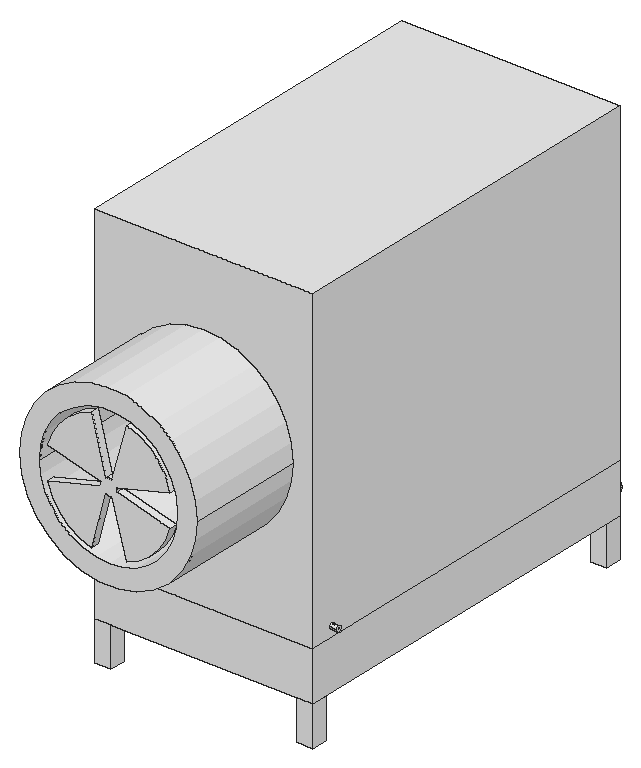
Revit family "MIT SK1013 - Cooling Tower ", category Specialty Equipment, Revit 2022
Family settings
  Round Connector Dimension = Use Diameter
  Part Type = Normal
  Work Plane-Based = Yes
  Always vertical = No
  Cut with Voids When Loaded = No
  Maintain Annotation Orientation = No
  Shared = No
  Room Calculation Point = No
Parameters (values of type "MLP 20 - 1.1 kW")
  URL = "https://en.ekinendustriyel.com/cooling-towers"
  Model = "MIT-SK1013"
  Manufacturer = "Ekin Endüstriyel"
  Keynote = "Cooling Towers"
  Description = "MIT-SK1013 - Cooling Towers"
  Default Elevation = 0 mm
Reference planes
  plane 1 "Center (Front/Back)": y = 0
  plane 2: z = 0
  plane 3 "Center (Left/Right)": x = 0
Forms (mm)
  Extrusion 1, solid, material "Ekin Endüstriyel_StainlesSteel", detail levels medium+fine
    sketch origin (0, 0, 0) x (1, 0, 0) y (0, 1, 0)
      loop
        line (-275, 485) -> (-275, -485) -> (275, -485) -> (275, 485) -> (-275, 485)
    from 225 to 1030
  Extrusion 2, solid, material "Ekin Endüstriyel_StainlesSteel", detail levels medium+fine
    sketch origin (0, 0, 0) x (1, 0, 0) y (0, 1, 0)
      loop
        line (-275, 485) -> (-275, -485) -> (275, -485) -> (275, 485) -> (-275, 485)
    from 100 to 225
  Extrusion 3, solid, material "Ekin Endüstriyel_StainlesSteel", detail levels coarse
    sketch origin (0, 0, 0) x (1, 0, 0) y (0, 1, 0)
      loop
        line (-275, 485) -> (-275, -485) -> (275, -485) -> (275, 485) -> (-275, 485)
    from 0 to 1030
  Extrusion 4, solid, material "Ekin Endüstriyel_StainlesSteel", detail levels coarse
    sketch origin (275, -485, 0) x (-1, 0, 0) y (0, 0, -1)
      loop
        circle (275, -627.5) r 225
    from 0 to 300
  Extrusion 5, solid, material "Ekin Endüstriyel_StainlesSteel", detail levels medium+fine
    sketch origin (275, -485, 0) x (-1, 0, 0) y (0, 0, -1)
      loop
        circle (275, -627.5) r 225
      loop
        circle (275, -627.5) r 175
    from 0 to 300
  Extrusion 6, solid, material "Ekin Endüstriyel_StainlesSteel", detail levels medium+fine
    sketch origin (-275, 485, 0) x (1, 0, 0) y (0, 0, -1)
      loop
        circle (275, -977.961) r 17.145
      loop
        circle (275, -152.039) r 17.145
      loop
        circle (520, -152.039) r 19.05
      loop
        circle (520, -152.039) r 17.05
      loop
        circle (275, -152.039) r 15.145
      loop
        circle (275, -977.961) r 15.145
    from 0 to 20
  Extrusion 7, solid, material "Ekin Endüstriyel_StainlesSteel", detail levels medium+fine
    sketch origin (275, 635, 0) x (0, -1, 0) y (0, 0, -1)
      loop
        circle (1062.805, -253.187) r 6.35
      loop
        circle (1062.805, -253.187) r 4.35
    from 0 to 20
  Extrusion 8, solid, material "Ekin Endüstriyel_StainlesSteel", detail levels coarse
    sketch origin (275, 635, 0) x (0, -1, 0) y (0, 0, -1)
      loop
        circle (1062.805, -253.187) r 6.35
    from 0 to 20
  Extrusion 9, solid, material "Ekin Endüstriyel_StainlesSteel", detail levels coarse
    sketch origin (-275, 485, 0) x (1, 0, 0) y (0, 0, -1)
      loop
        circle (275, -977.961) r 17.145
      loop
        circle (275, -152.039) r 17.145
      loop
        circle (520, -152.039) r 19.05
    from 0 to 20
  Extrusion 10, solid, material "Ekin Endüstriyel_StainlesSteel", detail levels medium+fine
    sketch origin (0, 0, 0) x (1, 0, 0) y (0, 1, 0)
      loop
        line (-275, 485) -> (-275, 445) -> (-235, 445) -> (-235, 485) -> (-275, 485)
      loop
        line (-275, -485) -> (-235, -485) -> (-235, -445) -> (-275, -445) -> (-275, -485)
      loop
        line (275, 485) -> (235, 485) -> (235, 445) -> (275, 445) -> (275, 485)
      loop
        line (275, -485) -> (275, -445) -> (235, -445) -> (235, -485) -> (275, -485)
    from 0 to 100
  Extrusion 11, solid, material "Ekin Endüstriyel_StainlesSteel", detail levels fine
    sketch origin (275, -785, 0) x (-1, 0, 0) y (0, 0, -1)
      loop
        arc (429.548, -586.089) -> (389.202, -515.438) -> (319.327, -473.763) r 160
        line (319.327, -473.763) -> (283.04, -609.187)
        arc (283.04, -609.187) -> (290.175, -614.472) -> (294.319, -622.324) r 20
        line (294.319, -622.324) -> (429.548, -586.089)
      loop
        arc (255.681, -622.324) -> (259.825, -614.472) -> (266.96, -609.187) r 20
        line (266.96, -609.187) -> (230.673, -473.763)
        arc (230.673, -473.763) -> (160.798, -515.438) -> (120.452, -586.089) r 160
        line (120.452, -586.089) -> (255.681, -622.324)
      loop
        arc (294.319, -632.676) -> (290.175, -640.528) -> (283.04, -645.813) r 20
        line (283.04, -645.813) -> (319.327, -781.237)
        arc (319.327, -781.237) -> (389.202, -739.562) -> (429.548, -668.911) r 160
        line (429.548, -668.911) -> (294.319, -632.676)
      loop
        line (255.681, -632.676) -> (120.452, -668.911)
        arc (120.452, -668.911) -> (160.798, -739.562) -> (230.673, -781.237) r 160
        line (230.673, -781.237) -> (266.96, -645.813)
        arc (266.96, -645.813) -> (259.825, -640.528) -> (255.681, -632.676) r 20
    from 0 to -20.256
  Extrusion 12, solid, material "Ekin Endüstriyel_StainlesSteel", detail levels fine
    sketch origin (275, -785, 0) x (-1, 0, 0) y (0, 0, -1)
      loop
        circle (275, -627.5) r 20
    from 0 to -300
Cuts and joins
  joined: Extrusion 11, Extrusion 12
Dimensions and locks
  equal spacing: Extrusion 1 sketch curve, plane 3 "Center (Left/Right)", Extrusion 1 sketch curve
  Extrusion 1 sketch curve to plane 3 "Center (Left/Right)" = 275 mm
  equal spacing: Extrusion 1 sketch curve, plane 1 "Center (Front/Back)", Extrusion 1 sketch curve
  plane 1 "Center (Front/Back)" to Extrusion 1 sketch curve = 485 mm
  Extrusion 2 sketch curve to Extrusion 2 sketch curve = 550 mm
  Extrusion 2 sketch curve to Extrusion 2 sketch curve = 970 mm
  Extrusion 3 sketch curve to Extrusion 3 sketch curve = 550 mm
  Extrusion 3 sketch curve to Extrusion 3 sketch curve = 970 mm
  Extrusion 3 to Extrusion 3 = 550 mm
  Extrusion 3 to Extrusion 3 = 970 mm
  aligned and locked: level to plane 2
  aligned and locked: Extrusion 3 to Extrusion 1  (x2)
  aligned and locked: Extrusion 2 to Extrusion 1
  aligned and locked: Extrusion 3 to Extrusion 2
  aligned and locked: Extrusion 4 to Extrusion 5
  aligned and locked: Extrusion 4 to Extrusion 3
  aligned and locked: Extrusion 5 to Extrusion 3
  aligned and locked: Extrusion 10 to Extrusion 2
  aligned and locked: cut or joined group of Extrusion 11, Extrusion 12 to Extrusion 3
Connectors
  piping at (295, -427.805, 253.187), diameter 12.7
    settings: on Extrusion 7, index 1, connector inside diameter 609.6 mm, connector length 0 mm, flow factor 0, pipe flow 0.0 m³/h, pressure drop 0.0 bar, fitting loss kfactor 0, connector angle 0.00°, fixture units 0, engagement length 0 mm, angle of deflection 0.00°, flow configuration 0, flow direction 0, fitting loss method 0, system type 7, joint type 0, gender type 0, connector reference index -1, connector utility 0, adjustable connector no, is connector primary yes, connector description ""
  piping at (245, 505, 152.039), diameter 38.1
    settings: on Extrusion 6, index 2, connector inside diameter 609.6 mm, connector length 0 mm, flow factor 0, pipe flow 0.0 m³/h, pressure drop 0.0 bar, fitting loss kfactor 0, connector angle 0.00°, fixture units 0, engagement length 0 mm, angle of deflection 0.00°, flow configuration 0, flow direction 0, fitting loss method 0, system type 7, joint type 0, gender type 0, connector reference index -1, connector utility 0, adjustable connector no, is connector primary no, connector description ""
  piping at (0, 505, 152.039), diameter 31.8
    settings: on Extrusion 6, index 3, connector inside diameter 609.6 mm, connector length 0 mm, flow factor 0, pipe flow 0.0 m³/h, pressure drop 0.0 bar, fitting loss kfactor 0, connector angle 0.00°, fixture units 0, engagement length 0 mm, angle of deflection 0.00°, flow configuration 0, flow direction 0, fitting loss method 0, system type 7, joint type 0, gender type 0, connector reference index -1, connector utility 0, adjustable connector no, is connector primary no, connector description ""
  piping at (0, 505, 977.961), diameter 31.8
    settings: on Extrusion 6, index 4, connector inside diameter 609.6 mm, connector length 0 mm, flow factor 0, pipe flow 0.0 m³/h, pressure drop 0.0 bar, fitting loss kfactor 0, connector angle 0.00°, fixture units 0, engagement length 0 mm, angle of deflection 0.00°, flow configuration 0, flow direction 0, fitting loss method 0, system type 7, joint type 0, gender type 0, connector reference index -1, connector utility 0, adjustable connector no, is connector primary no, connector description ""
